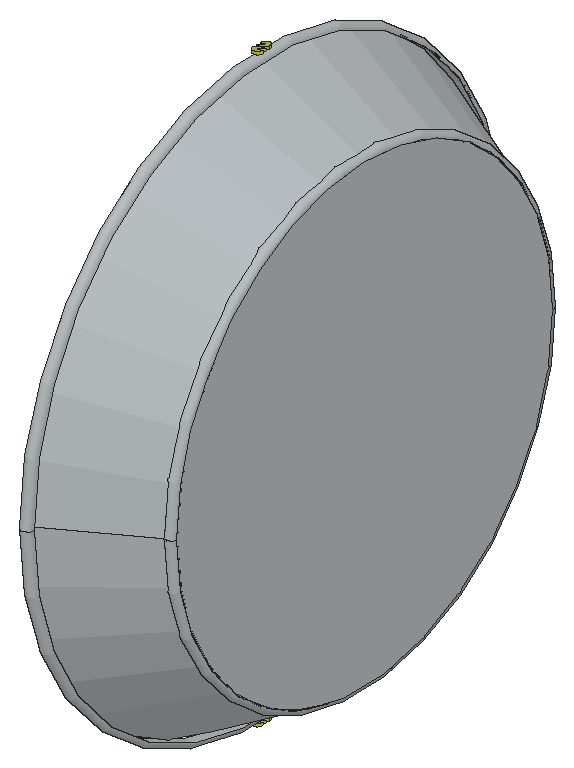
Revit family "NLRS_57_DUF_UN_round-reducer-centric_LT_velu", category Duct Fittings, Revit 2021
Family settings
  Round Connector Dimension = Use Diameter
  Part Type = Transition
  OmniClass Number = 23.75.70.14.14
  OmniClass Title = Couplings for Air Ductwork
  Work Plane-Based = No
  Always vertical = Yes
  Cut with Voids When Loaded = No
  Shared = No
Parameters (values of type "SDN/SDNK")
  VELU_c02_diameter [instance] = if(NLRS_M_c02_diameter < 40.00 mm, 40.00 mm, if(NLRS_M_c02_diameter > 1500.00 mm, 1500.00 mm, NLRS_M_c02_diameter))  # 200.00 mm
  VELU_c01_diameter [instance] = if(NLRS_M_c01_diameter < 40.00 mm, 40.00 mm, if(NLRS_M_c01_diameter > 1500.00 mm, 1500.00 mm, NLRS_M_c01_diameter))  # 250.00 mm
  VELU_Zoek_Dia2 [instance] = if(VELU_c01_diameter > VELU_c02_diameter, VELU_c02_diameter, VELU_c01_diameter)  # 200.00 mm
  VELU_Zoek_Dia1 [instance] = if(VELU_c01_diameter > VELU_c02_diameter, VELU_c01_diameter, VELU_c02_diameter)  # 250.00 mm
  VELU_Werkendelengte [instance] = if(VELU_Zoek_Dia1 = VELU_Zoek_Dia2, 100.00 mm, size_lookup(VELU_Article_Selector, "L1", ((VELU_Zoek_Dia1 - VELU_Zoek_Dia2) / 2) / tan(30.00°), VELU_Zoek_Dia1, VELU_Zoek_Dia2))  # 46.00 mm
  VELU_Verbindingslengte2 [instance] = if(VELU_LR, size_lookup(VELU_Article_Selector, "Li2", 35.00 mm, VELU_Zoek_Dia1, VELU_Zoek_Dia2), size_lookup(VELU_Article_Selector, "Li1", 35.00 mm, VELU_Zoek_Dia1, VELU_Zoek_Dia2))  # 35.00 mm
  VELU_Verbindingslengte [instance] = if(VELU_LR, size_lookup(VELU_Article_Selector, "Li1", 35.00 mm, VELU_Zoek_Dia1, VELU_Zoek_Dia2), size_lookup(VELU_Article_Selector, "Li2", 35.00 mm, VELU_Zoek_Dia1, VELU_Zoek_Dia2))  # 35.00 mm
  VELU_Show_IL2 [instance] = or(Plaats insteeklengten, and(VELU_Koppelbus2, VELU_Verbindingslengte2 - VELU_Koppelbus2_Li1 > 0.00 mm))  # no
  VELU_Show_IL1 [instance] = or(Plaats insteeklengten, and(VELU_Koppelbus1, VELU_Verbindingslengte - VELU_Koppelbus_Li1 > 0.00 mm))  # no
  VELU_Safe [instance] = 1 = 1  # yes
  VELU_Reken_Lengte [instance] = VELU_Werkendelengte  # 46.00 mm
  VELU_Opmerking [instance] = if(VELU_Geldig_Artikel, " ", "Dit is geen standaard VELU artikel.")  # " "
  VELU_Offset2 [instance] = if(Plaats insteeklengten, VELU_Verbindingslengte2, if(VELU_Verbindingslengte2 - VELU_Koppelbus2_Li1 > 0.00 mm, VELU_Verbindingslengte2 - VELU_Koppelbus2_Li1, 0.00 mm)) + 1.00 mm  # 1.00 mm
  VELU_Offset1 [instance] = if(Plaats insteeklengten, VELU_Verbindingslengte, if(VELU_Verbindingslengte - VELU_Koppelbus_Li1 > 0.00 mm, VELU_Verbindingslengte - VELU_Koppelbus_Li1, 0.00 mm)) + 1.00 mm  # 1.00 mm
  VELU_Model_Diameter4 [instance] = VELU_c02_diameter - 2.00 mm  # 198.00 mm
  VELU_Model_Diameter3 [instance] = VELU_c01_diameter - 2.00 mm  # 248.00 mm
  VELU_Model_Diameter2 [instance] = VELU_c02_diameter  # 200.00 mm
  VELU_Model_Diameter [instance] = VELU_c01_diameter  # 250.00 mm
  VELU_Model [instance] = size_lookup(VELU_Article_Selector, "", "NB", VELU_Zoek_Dia1, VELU_Zoek_Dia2)  # "SDNK 250 200"
  VELU_Material [instance] = NLRS_57_sendzimir verzinkt_gen_sacs
  VELU_Logo_Z [instance] = VELU_c01_diameter + VELU_Connector_Ril  # 255.00 mm
  VELU_LR [instance] = VELU_c01_diameter > VELU_c02_diameter  # yes
  VELU_Koppelbus_Li1 [instance] = size_lookup(VELU_Article_Data3, "Li1", 47.00 mm, VELU_c01_diameter)  # 46.00 mm
  VELU_Koppelbus_L1 [instance] = size_lookup(VELU_Article_Data3, "L1", 100.00 mm, VELU_c01_diameter)  # 100.00 mm
  VELU_Koppelbus2_Li1 [instance] = size_lookup(VELU_Article_Data3, "Li1", 47.00 mm, VELU_c02_diameter)  # 37.00 mm
  VELU_Koppelbus2_L1 [instance] = size_lookup(VELU_Article_Data3, "L1", 100.00 mm, VELU_c02_diameter)  # 82.00 mm
  VELU_Koppelbus2 [instance] = no
  VELU_Koppelbus1 [instance] = no
  VELU_Gewicht [instance] = size_lookup(VELU_Article_Selector, "kg", 0, VELU_Zoek_Dia1, VELU_Zoek_Dia2) * 1.00 kg  # 0.44 kg
  VELU_Geldig_Artikel [instance] = not(size_lookup(VELU_Article_Selector, "Li1", 0.00 mm, VELU_Zoek_Dia1, VELU_Zoek_Dia2) = 0.00 mm)  # yes
  VELU_Dummy = 1  # constant formula
  VELU_Connector_Ril [instance] = 5.00 mm  # constant formula
  VELU_Connector2_Pos [instance] = if(VELU_Koppelbus2, if(VELU_Verbindingslengte2 > VELU_Koppelbus2_Li1, (VELU_Werkendelengte / 2) + VELU_Koppelbus2_L1 + (VELU_Verbindingslengte2 - VELU_Koppelbus2_Li1), (VELU_Werkendelengte / 2) + VELU_Koppelbus2_L1), VELU_Werkendelengte / 2)  # 23.00 mm
  VELU_Connector1_Pos [instance] = if(VELU_Koppelbus1, if(VELU_Verbindingslengte > VELU_Koppelbus_Li1, (VELU_Werkendelengte / 2) + VELU_Koppelbus_L1 + (VELU_Verbindingslengte - VELU_Koppelbus_Li1), (VELU_Werkendelengte / 2) + VELU_Koppelbus_L1), VELU_Werkendelengte / 2)  # 23.00 mm
  VELU_Bim-site [instance] = "https://velu.nl/bim/"
  VELU_Artikel_code [instance] = size_lookup(VELU_Article_Selector, "artikelcode", "NB", VELU_Zoek_Dia1, VELU_Zoek_Dia2)  # "5050000284"
  VELU_Article_Selector [instance] = if(size_lookup(VELU_Article_Data2, "GP", 0.00 mm, VELU_Zoek_Dia1, VELU_Zoek_Dia2) = 1.00 mm, VELU_Article_Data2, VELU_Article_Data)  # "SDNK"
  VELU_Article_Data3 = "VH"  # constant formula
  VELU_Article_Data2 = "SDNK"  # constant formula
  VELU_Article_Data = "SDN"  # constant formula
  built-in parameter 1114242 [instance] = 1
  URL = "https://webshop.velu.nl/ronde-kanalen/#twn|?tn_cid=49-64"
  Type Image = <None>
  Type Comments = ""
  Plaats insteeklengten [instance] = no
  built-in parameter 1114211 [instance] = 0.0000 mm * VELU_Dummy  # (empty or 0)
  built-in parameter 1114212 [instance] = 0.0000 mm * VELU_Dummy  # (empty or 0)
  NLRS_M_c02_diameter [instance] = 200.00 mm
  NLRS_M_c01_diameter [instance] = 250.00 mm
  NLRS_C_model [instance] = VELU_Model  # "SDNK 250 200"
  NLRS_C_description = Description  # "Rond Verloop"
  NLRS_C_content_versie = "3.21.01"  # constant formula
  NLRS_C_content_provider = "Velu Klimaattechnische groothandel"  # constant formula
  NLRS_C_content_datum_gewijzigd = "30-11-2023"  # constant formula
  NLRS_C_content_creator = "J. Feeke"  # constant formula
  NLRS_C_bestemming = "Ventilatiesystemen"  # constant formula
  Model = "Velu Verloop"  # constant formula
  Manufacturer = "Velu Klimaattechnische groothandel"  # constant formula
  IfcExportType = "TRANSITION"  # constant formula
  IfcExportAs = "IfcDuctFittingType"  # constant formula
  IfcDescription = Description  # "Rond Verloop"
  Description = "Rond Verloop"  # constant formula
  Default Elevation = 0.00 mm
  Assembly Code = "57.00"
Reference planes
  plane 1 "Center (Front/Back)": y = 0
  plane 2: z = 0
  plane 3 "Center (Left/Right)": x = 0
  plane 4 "Left": x = -23
  plane 5: x = 23
  plane 6: x = -23
  plane 7: x = 23
  plane 8: z = 127.5
  plane 9: z = -127.5
  plane 10: x = -23
  plane 11: x = -22
  plane 12: x = 23
  plane 13: x = 22
Forms (mm)
  Blend 1, solid, material "NLRS_57_sendzimir verzinkt_gen_sacs" <- "VELU_Material", detail levels medium+fine
    base sketch origin (0, 0, 0) x (0, 1, 0) y (0, 0, 1)
      loop
        circle (0, 0) r 125
    top sketch origin (0, 0, 0) x (0, 1, 0) y (0, 0, 1)
      loop
        circle (0, 0) r 100
    from -23 to 23
  Sweep 2, solid, material "NLRS_57_sendzimir verzinkt_gen_sacs" <- "VELU_Material", detail levels medium+fine
    path in 3D
      loop
        arc (23, 100, 0) -> (23, 0, -100) -> (23, -100, 0) r 100
        arc (23, -100, 0) -> (23, 0, 100) -> (23, 100, 0) r 100
    profile "Insertion_Profile_rubber : Insertion_Profile2" origin (23, 0, 100) x (0, 0, 1) y (1, 0, 0)
      loop
        line (0, 0) -> (0, -5)
        arc (0, -5) -> (2.5, -2.5) -> (0, 0) r 2.5
  Sweep 3, solid, material "NLRS_57_sendzimir verzinkt_gen_sacs" <- "VELU_Material", detail levels medium+fine
    path in 3D
      loop
        arc (-23, -125, 0) -> (-23, 0, -125) -> (-23, 125, 0) r 125
        arc (-23, 125, 0) -> (-23, 0, 125) -> (-23, -125, 0) r 125
    profile "Insertion_Profile_rubber : Insertion_Profile" origin (-23, 0, 125) x (0, 0, 1) y (-1, 0, 0)
      loop
        line (0, 0) -> (0, -5)
        arc (0, -5) -> (2.5, -2.5) -> (0, 0) r 2.5
  Extrusion 4, solid, material "NLRS_57_sendzimir verzinkt_gen_sacs" <- "VELU_Material", visible <- "VELU_Show_IL1", detail levels medium+fine
    sketch origin (-23, 0, 0) x (0, 1, 0) y (0, 0, 1)
      loop
        circle (0, 0) r 125
    from 0 to 1
  Extrusion 5, solid, material "NLRS_57_sendzimir verzinkt_gen_sacs" <- "VELU_Material", visible <- "VELU_Show_IL2", detail levels medium+fine
    sketch origin (-23, 0, 0) x (0, 1, 0) y (0, 0, 1)
      loop
        circle (0, 0) r 100
    from 45 to 46
Lines and regions (mm)
  reference lines
    curve 1: line (-23, 0, 0) -> (23, 0, 0)
  sketch lines
    curve 2: arc (23, -100, 0) -> (23, 0, 100) -> (23, 100, 0) r 100
    curve 3: arc (23, 100, 0) -> (23, 0, -100) -> (23, -100, 0) r 100
    curve 4: arc (-23, 125, 0) -> (-23, 0, 125) -> (-23, -125, 0) r 125
    curve 5: arc (-23, -125, 0) -> (-23, 0, -125) -> (-23, 125, 0) r 125
  model lines, style "DuctFittingCenterLine", detail levels coarse
    curve 6: line (-23, 0, 0) -> (23, 0, 0)
Dimensions and locks
  "VELU_Connector1_Pos": plane 6 to plane 3 "Center (Left/Right)"
  "VELU_Connector2_Pos": plane 3 "Center (Left/Right)" to plane 7
  equal spacing: plane 4 "Left", plane 3 "Center (Left/Right)", plane 5
  "VELU_Werkendelengte": plane 4 "Left" to plane 5
  locked: plane 4 "Left" to nested 3 at 2
  equal spacing: plane 8, level, plane 9
  "VELU_Logo_Z": plane 8 to plane 9
  locked: plane 4 "Left" to nested 4 at 2
  "VELU_Offset1": plane 10 to plane 11
  "VELU_Offset2": plane 13 to plane 12
  locked: plane 13 to plane 5 at 1
  locked: plane 4 "Left" to plane 11 at 1
  "VELU_Model_Diameter": diameter of Blend 1 sketch curve
  "VELU_Model_Diameter2": diameter of Blend 1 sketch curve
  "VELU_Model_Diameter": diameter of Extrusion 4 sketch curve
  "VELU_Model_Diameter2": diameter of Extrusion 5 sketch curve
  aligned and locked: level to plane 2
  aligned and locked: plane 6 to curve 1
  aligned and locked: plane 7 to curve 1
  aligned and locked: plane 1 "Center (Front/Back)" to curve 1
  aligned and locked: plane 1 "Center (Front/Back)" to nested 1
  aligned and locked: Blend 1 to plane 4 "Left"
  aligned and locked: plane 5 to Blend 1
  aligned and locked: plane 1 "Center (Front/Back)" to nested 3
  aligned and locked: nested 3 to plane 8
  aligned and locked: plane 9 to nested 4
  aligned and locked: plane 6 to curve 6
  aligned and locked: plane 7 to curve 6
  aligned and locked: plane 1 "Center (Front/Back)" to curve 6
  aligned and locked: plane 11 to Extrusion 4
  aligned and locked: Extrusion 4 to plane 10
  aligned and locked: plane 12 to Extrusion 5
  aligned and locked: Extrusion 5 to plane 13
  aligned and locked: nested 1 to plane 7
  aligned and locked: nested 2 to plane 6
Automatic sketch dimensions
  Blend 1 sketch curve to level = 0.00 mm  (x2)
  Blend 1 sketch curve to plane 1 "Center (Front/Back)" = 0.00 mm  (x2)
  Extrusion 4 sketch curve to level = 0.00 mm
  Extrusion 4 sketch curve to plane 1 "Center (Front/Back)" = 0.00 mm
  Extrusion 5 sketch curve to level = 0.00 mm
  Extrusion 5 sketch curve to plane 1 "Center (Front/Back)" = 0.00 mm
Nested families
  nested 1: "NLRS_57_DUF_UN_round-coupling_LT_velu" at (-59, 0, 0), visible <- "VELU_Koppelbus2", NLRS_M_c01_diameter <- "VELU_c02_diameter", VELU_Material <- "VELU_Material", type "VH", detail levels medium+fine
    with VELU_c01_diameter 200.00 mm, VELU_Werkendelengte 82.00 mm, VELU_Verbindingslengte 37.00 mm, VELU_Reken_Lengte 82.00 mm, VELU_Opmerking " ", VELU_Offset1 41.00 mm, VELU_Model_Radius2 4.00 mm, VELU_Model_Radius 101.00 mm, VELU_Model "VH 200", VELU_Material NLRS_57_sendzimir verzinkt_gen_sacs, VELU_Gewicht 0.21 kg, VELU_Geldig_Artikel yes, VELU_Connector_Ril 8.00 mm, VELU_Bim-site "https://velu.nl/bim/", VELU_Artikel_code "5060000628", NLRS_M_c01_diameter 200.00 mm, NLRS_C_model "VH 200"
  nested 2: "NLRS_57_DUF_UN_round-coupling_LT_velu" at (-23, 0, 0), visible <- "VELU_Koppelbus1", NLRS_M_c01_diameter <- "VELU_c01_diameter", VELU_Material <- "VELU_Material", type "VH", detail levels medium+fine
    with VELU_c01_diameter 250.00 mm, VELU_Werkendelengte 100.00 mm, VELU_Verbindingslengte 46.00 mm, VELU_Reken_Lengte 100.00 mm, VELU_Opmerking " ", VELU_Offset1 50.00 mm, VELU_Model_Radius2 4.00 mm, VELU_Model_Radius 126.00 mm, VELU_Model "VH 250", VELU_Material NLRS_57_sendzimir verzinkt_gen_sacs, VELU_Gewicht 0.32 kg, VELU_Geldig_Artikel yes, VELU_Connector_Ril 8.00 mm, VELU_Bim-site "https://velu.nl/bim/", VELU_Artikel_code "5060000630", NLRS_M_c01_diameter 250.00 mm, NLRS_C_model "VH 250"
  nested 3: "logo_velu" at (-21, 0, 127.5) x (0, -1, 0) z (0, 0, 1), type "logo_velu", detail levels medium+fine
    with t 2.00 mm
  nested 4: "logo_velu" at (-21, 0, -128.5) x (0, -1, 0) z (0, 0, 1), type "logo_velu"
    with t 2.00 mm
Connectors
  hvac at (-23, 0, 0), driven by "NLRS_M_c01_diameter"
    settings: on curve 1, index 1, duct flow 0.0 L/s, flow factor 0, pres drop 0.0 Pa, loss coef 0, conn angle 0.00°, conn width 304.8 mm, conn height 304.8 mm, conn diameter 250 mm, duct sys type 28, conn prof type 0, flow config 0, flow direction 0, loss method 0, conn ref index -1, conn util no, is conn primary yes, conn desc ""
  hvac at (23, 0, 0), driven by "NLRS_M_c02_diameter"
    settings: on curve 1, index 2, duct flow 0.0 L/s, flow factor 0, pres drop 0.0 Pa, loss coef 0, conn angle 0.00°, conn width 304.8 mm, conn height 304.8 mm, conn diameter 200 mm, duct sys type 28, conn prof type 0, flow config 0, flow direction 0, loss method 0, conn ref index -1, conn util no, is conn primary no, conn desc ""
Definition of nested family "NLRS_57_DUF_UN_round-coupling_LT_velu"
  Parameters (values of type "VH")
    VELU_c01_diameter [instance] = if(NLRS_M_c01_diameter < 40.00 mm, 40.00 mm, if(NLRS_M_c01_diameter > 1500.00 mm, 1500.00 mm, NLRS_M_c01_diameter))  # 100.00 mm
    VELU_Werkendelengte [instance] = size_lookup(VELU_Article_Data, "L1", 96.00 mm, VELU_c01_diameter)  # 82.00 mm
    VELU_Verbindingslengte [instance] = size_lookup(VELU_Article_Data, "Li1", 44.00 mm, VELU_c01_diameter)  # 37.00 mm
    VELU_Reken_Lengte [instance] = VELU_Werkendelengte  # 82.00 mm
    VELU_Opmerking [instance] = if(VELU_Geldig_Artikel, " ", "Dit is geen standaard VELU artikel.")  # " "
    VELU_Offset1 [instance] = VELU_Verbindingslengte + VELU_Connector_Ril / 2  # 41.00 mm
    VELU_Model_Radius2 [instance] = VELU_Connector_Ril / 2  # 4.00 mm
    VELU_Model_Radius [instance] = (VELU_c01_diameter / 2) + 1.00 mm  # 51.00 mm
    VELU_Model [instance] = size_lookup(VELU_Article_Data, "", "NB", VELU_c01_diameter)  # "VH 100"
    VELU_Material [instance] = none
    VELU_Gewicht [instance] = size_lookup(VELU_Article_Data, "kg", 0, VELU_c01_diameter) * 1.00 kg  # 0.11 kg
    VELU_Geldig_Artikel [instance] = not(size_lookup(VELU_Article_Data, "L1", 0.00 mm, VELU_c01_diameter) = 0.00 mm)  # yes
    VELU_Connector_Ril [instance] = size_lookup(VELU_Article_Data, "Ril1", 8.00 mm, VELU_c01_diameter)  # 8.00 mm
    VELU_Bim-site [instance] = "https://velu.nl/bim/"
    VELU_Artikel_code [instance] = size_lookup(VELU_Article_Data, "artikelcode", "NB", VELU_c01_diameter)  # "5060000623"
    VELU_Article_Data = "VH"  # constant formula
    URL = "http:\\\\www.bimvoorfabrikanten.nl/pdfluka/ISR_Luka_rond_koppelstuk.pdf"
    Type Comments = "Shared model voor Velu fittings"  # constant formula
    NLRS_M_c01_diameter [instance] = 100.00 mm
    NLRS_C_model [instance] = VELU_Model  # "VH 100"
    NLRS_C_description = Description  # "Rond - koppelstuk tbv hulpstukken"
    NLRS_C_content_versie = "3.21.01"  # constant formula
    NLRS_C_content_provider = "Velu Klimaattechnische groothandel"  # constant formula
    NLRS_C_content_datum_gewijzigd = "28-11-2023"  # constant formula
    NLRS_C_content_creator = "J. Feeke"  # constant formula
    NLRS_C_bestemming = "Ventilatiesystemen"  # constant formula
    Model = "Velu Koppelstuk"  # constant formula
    Manufacturer = "Velu Klimaattechnische groothandel"  # constant formula
    IfcExportType = "CONNECTOR"  # constant formula
    IfcExportAs = "IfcDuctFittingType"  # constant formula
    IfcDescription = Description  # "Rond - koppelstuk tbv hulpstukken"
    Description = "Rond - koppelstuk tbv hulpstukken"  # constant formula
    Default Elevation = 0.00 mm
    Assembly Code = "57.5"
  Reference planes
    plane 1 "Center (Front/Back)": y = 0
    plane 2: z = 0
    plane 3 "Center (Left/Right)": x = 0
    plane 4 "Center_VH": x = 41
    plane 5: x = 82
    plane 6: y = 51
  Forms (mm)
    Revolve 1, solid, material <- "VELU_Material", detail levels medium+fine
      sketch origin (0, 0, 0) x (1, 0, 0) y (0, 1, 0)
        loop
          line (0, 0) -> (82, 0) -> (82, 51) -> (45, 51)
          arc (45, 51) -> (41, 47) -> (37, 51) r 4
          line (37, 51) -> (0, 51) -> (0, 0)
        axis (82, 0) -> (0, 0)
      angle from 0 to 360
  Lines and regions (mm)
    model lines, detail levels coarse
      curve 1: line (0, 0, 0) -> (82, 0, 0)
  Dimensions and locks
    equal spacing: plane 3 "Center (Left/Right)", plane 4 "Center_VH", plane 5
    "VELU_Offset1": plane 3 "Center (Left/Right)" to plane 4 "Center_VH"
    "VELU_Model_Radius": plane 6 to plane 1 "Center (Front/Back)"
    Revolve 1 sketch curve to Revolve 1 sketch curve = 0.00 mm
    "VELU_Model_Radius2": radius of Revolve 1 sketch curve
    aligned and locked: level to plane 2
    aligned and locked: plane 3 "Center (Left/Right)" to curve 1
    aligned and locked: plane 5 to curve 1
    aligned and locked: plane 1 "Center (Front/Back)" to curve 1
  Automatic sketch dimensions
    Revolve 1 sketch curve to plane 1 "Center (Front/Back)" = 0.00 mm
    Revolve 1 sketch curve to plane 3 "Center (Left/Right)" = 0.00 mm
    Revolve 1 sketch curve to plane 6 = 0.00 mm
    Revolve 1 sketch curve to plane 4 "Center_VH" = 0.00 mm
    plane 1 "Center (Front/Back)" to Revolve 1 sketch curve = 0.00 mm
    Revolve 1 sketch curve to plane 5 = 0.00 mm
    Revolve 1 sketch curve to plane 3 "Center (Left/Right)" = 2000.00 mm
    Revolve 1 sketch curve to Revolve 1 sketch curve = 1918.00 mm
Definition of nested family "logo_velu"
  Parameters (values of type "logo_velu")
    t = 5.00 mm
    Model = "LOD 400"
    Description = "Model type"
    Default Elevation = 1219.20 mm
  Reference planes
    plane 1 "Center (Front/Back)": y = 0
    plane 2: z = 0
    plane 3 "Center (Left/Right)": x = 0
    plane 4: z = 1
    plane 5: x = -10
    plane 6: y = -5
    plane 7: y = 5
    plane 8: x = -5
    plane 9: x = 5
    plane 10: x = 10
  Forms (mm)
    Extrusion 1, solid, detail levels medium+fine
      sketch origin (-547.644, -297.937, 0) x (1, 0, 0) y (0, 1, 0)
        loop
          arc (542.644, 302.937) -> (537.644, 297.937) -> (542.644, 292.937) r 5
          line (542.644, 292.937) -> (542.644, 297.937) -> (547.644, 292.937) -> (547.644, 297.937) -> (542.644, 302.937)
      from 0 to 1
    Extrusion 2, solid, detail levels medium+fine
      sketch origin (0, 0, 0) x (1, 0, 0) y (0, 1, 0)
        loop
          arc (5, -5) -> (10, 0) -> (5, 5) r 5
          line (5, 5) -> (5, 0) -> (0, 5) -> (0, 0) -> (5, -5)
      from 0 to 1
  Dimensions and locks
    "t": plane 7 to plane 1 "Center (Front/Back)"
    "t": plane 6 to plane 1 "Center (Front/Back)"
    "t": plane 5 to plane 8
    "t": plane 8 to plane 3 "Center (Left/Right)"
    "t": plane 3 "Center (Left/Right)" to plane 9
    "t": plane 9 to plane 10
    aligned and locked: level to plane 2
    aligned and locked: plane 4 to Extrusion 1
    aligned and locked: plane 4 to Extrusion 2
  Automatic sketch dimensions
    plane 1 "Center (Front/Back)" to Extrusion 1 sketch curve = 0.00 mm  (x3)
    Extrusion 1 sketch curve to plane 8 = 0.00 mm
    Extrusion 1 sketch curve to plane 7 = 0.00 mm
    Extrusion 1 sketch curve to plane 3 "Center (Left/Right)" = 0.00 mm
    Extrusion 1 sketch curve to plane 6 = 0.00 mm
    Extrusion 2 sketch curve to plane 3 "Center (Left/Right)" = 0.00 mm
    plane 1 "Center (Front/Back)" to Extrusion 2 sketch curve = 0.00 mm  (x3)
    Extrusion 2 sketch curve to plane 6 = 0.00 mm
    Extrusion 2 sketch curve to plane 9 = 0.00 mm
    Extrusion 2 sketch curve to plane 7 = 0.00 mm
